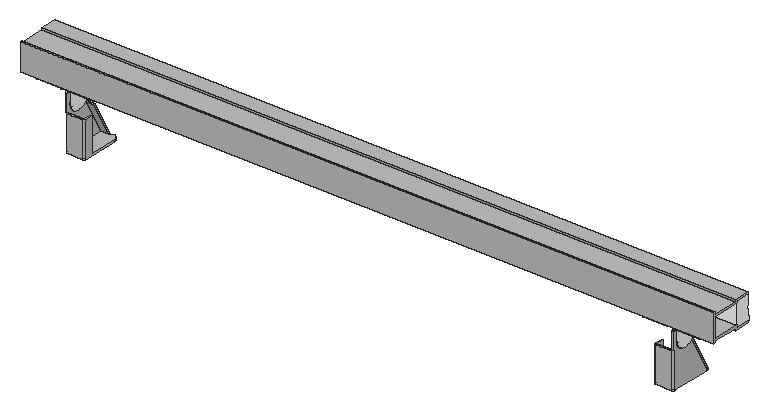
Revit family "4070755+4070746+4070771 Feilo Sylvania Lighting Fixture CURSUS 876MM 577LM WIDE LED 4K with CONTINUOUS WALL HOUSING with 70MM WALL BRACKET", category Lighting Fixtures, host Face, Revit 2017
Family settings
  Host = Face
  Round Connector Dimension = Use Diameter
  Part Type = Normal
  OmniClass Number = 23.80.70.14
  OmniClass Title = Luminaries for External Lighting
  Cut with Voids When Loaded = Yes
  Light Source = No
  Shared = No
  Room Calculation Point = No
Parameters (values of type "4070755 CURSUS 876MM 577LM WIDE LED 4K")
  Weight = "1.7 kg"
  Wattage Comments = "n/a"
  WarrantyStartDate [instance] = "n/a"
  WarrantyGuarantorParts = "n/a"
  WarrantyDurationUnit = "n/a"
  WarrantyDurationParts = "n/a"
  WarrantyDescription = "n/a"
  Voltage = 24 V
  URL = "http://www.sylvania-lighting.com"
  TypeName = "CURSUS 876MM 577LM WIDE LED 4K"
  TypeFixture_FEILO = CURSUS with CONTINUOUS WALL HOUSING : CURSUS 876MM 577LM WIDE LED 4K
  Type Image = <None>
  Type Comments = "n/a"
  TiltAngle [instance] = 0.00°
  StartAngle [instance] = TiltAngle + 270.00°  # 270.00°
  SerialNumber [instance] = "n/a"
  ReflectorMaterial = none
  PowerFactor = 0
  PowerConsumption = "13.5 W"
  NominalLength = 876 mm
  NominalHeight = 50 mm
  NominalDepth = 30 mm
  Name = "CURSUS 876MM 577LM WIDE LED 4K"
  ModelReference = Name  # "CURSUS 876MM 577LM WIDE LED 4K"
  ModelNumber = "4070755"
  Model = Name  # "CURSUS 876MM 577LM WIDE LED 4K"
  Material = "natural anodised extruded aluminium structure housing"
  ManufacturerName = "Feilo Sylvania"
  Manufacturer = "Feilo Sylvania"
  LuminousEfficacy = "42.74 lm/W"
  LuminaireType = ""
  LightOutputRatio = "100"
  LampsType = Lamp  # "LED"
  LampNominalLuminous = "577 lm"
  LampMacAdamStep = "n/a"
  LampColourTemperature = "4000 K"
  LampColourRenderingIndex = "80"
  Lamp = "LED"
  Keynote = "16500"
  InstallationDate [instance] = "n/a"
  InputVoltage = "24V DC"
  InputNominalFrequency = "n/a"
  IngressProtection = "IP67"
  ImpactProtectionIndex = "IK07"
  IfcExportType = "IfcLightFixtureType"
  IfcExportAs = "IfcLightFixtureType"
  ExpectedLife = 50000
  EndAngle [instance] = StartAngle - 180.00°  # 90.00°
  ElectricShockClassification = "Class III"
  DurationUnit = "hours"
  DocumentationLiterature = "http://www.sylvania-lighting.com/product/en-int/products/4070755"
  DimmingControlOptions = "n/a"
  DiffuserMaterial = Diffuser-Sylvania-Glow
  Description = "LED Exterior Lighting Recessed Surface Mounted Linear Fixture, Natural anodised extruded aluminium structure. Die-cast aluminium end caps. Installation kit with harmonic steel springs., 577 lm, 13,5W,  42lm/W, 4000K, CRI80+,non dimmable,IP67, IK07, (HxWxD) 876x50x30mm, 3 step Mac Adam Ellipse, 1.7kg,, Classe III, 21-25V-DC, energy class : A++, A+, A"
  Default Elevation = 1219.2 mm
  CreatedOn = "1/8/2018"
  CreatedBy = ""
  Cost = 0
  built-in parameter 1114216 [instance] = (empty or 0)
  ClassificationValue = "EF_70_80"
  ClassificationName = "Uniclass2015"
  BracketWidth = 24 mm
  BracketThickness = 2 mm
  BracketHeightEnd = 32 mm
  BracketHeight = 55 mm
  BracketFlange = BracketHeight / 5  # 11 mm
  BracketExtension = 70 mm
  BracketEndReduction = 25 mm
  BracketC = 22 mm  # constant formula
  BracketDistance = 745 mm
  BracketD = BracketHeightEnd - (BracketC * (BracketHeight - BracketHeightEnd) / (BracketExtension - BracketEndReduction))  # 20.756 mm
  BodyMaterial = Body-Sylvania-Gray
  BarCode [instance] = "n/a"
  AssetType = "Fixed"
  AssetIdentifier [instance] = "n/a"
  Assembly Code = "D5020200"
  Apparent Load = 13.5 VA
  AccessoryMaterial = Diffuser-Sylvania-Glow
Reference planes
  plane 1 "Center (Front/Back)": y = 0
  plane 2: z = 0
  plane 3 "Center (Left/Right)": x = 0
  plane 4: x = -384.5
  plane 5: x = 384.5
  plane 6: y = 55
  plane 7: x = -360.5
  plane 8: x = 360.5
  plane 9: z = 70
  plane 10: z = 56
  plane 11: z = 2
  plane 12: z = 45
  plane 13: x = -382.5
  plane 14: y = 53
  plane 15: y = 2
  plane 16: x = -362.5
  plane 17: x = 362.5
  plane 18: x = 382.5
  plane 19: x = -372.5
  plane 20: x = 372.5
  plane 21: y = 11
  plane 22: y = 32
  plane 23: y = 30
  plane 24: z = 67
  plane 25: y = 20.756
  plane 26: y = 16
Forms (mm)
  Blend 1, solid, material "Body-Sylvania-Gray" <- "BodyMaterial"
    base sketch origin (1223.4, -4572, 2) x (0, -1, 0) y (1, 0, 0)
      loop
        line (-4625, -1595.9) -> (-4627, -1595.9) -> (-4627, -1605.9)
        arc (-4627, -1605.9) -> (-4626.414, -1607.314) -> (-4625, -1607.9) r 2
        line (-4625, -1607.9) -> (-4574, -1607.9)
        arc (-4574, -1607.9) -> (-4572.586, -1607.314) -> (-4572, -1605.9) r 2
        line (-4572, -1605.9) -> (-4572, -1585.9)
        arc (-4572, -1585.9) -> (-4572.586, -1584.486) -> (-4574, -1583.9) r 2
        line (-4574, -1583.9) -> (-4583, -1583.9) -> (-4583, -1585.9) -> (-4574, -1585.9) -> (-4574, -1605.9) -> (-4625, -1605.9) -> (-4625, -1595.9)
    top sketch origin (1223.4, -4572, 2) x (0, -1, 0) y (1, 0, 0)
      loop
        line (-4583, -1585.9) -> (-4574, -1585.9) -> (-4574, -1605.9) -> (-4602, -1605.9) -> (-4602, -1595.9) -> (-4604, -1595.9) -> (-4604, -1605.9)
        arc (-4604, -1605.9) -> (-4603.52, -1607.21) -> (-4602.309, -1607.9) r 2.028
        line (-4602.309, -1607.9) -> (-4574, -1607.9)
        arc (-4574, -1607.9) -> (-4572.586, -1607.314) -> (-4572, -1605.9) r 2
        line (-4572, -1605.9) -> (-4572, -1585.9)
        arc (-4572, -1585.9) -> (-4572.586, -1584.486) -> (-4574, -1583.9) r 2
        line (-4574, -1583.9) -> (-4583, -1583.9) -> (-4583, -1585.9)
    from 0 to 43
  Extrusion 2, solid, material "Body-Sylvania-Gray" <- "BodyMaterial"
    sketch origin (0, 0, 0) x (1, 0, 0) y (0, 1, 0)
      loop
        arc (-382.5, 55) -> (-383.914, 54.414) -> (-384.5, 53) r 2
        line (-384.5, 53) -> (-384.5, 2)
        arc (-384.5, 2) -> (-383.914, 0.586) -> (-382.5, 0) r 2
        line (-382.5, 0) -> (-362.5, 0)
        arc (-362.5, 0) -> (-361.086, 0.586) -> (-360.5, 2) r 2
        line (-360.5, 2) -> (-360.5, 47.5)
        arc (-360.5, 47.5) -> (-362.697, 52.803) -> (-368, 55) r 7.5
        line (-368, 55) -> (-382.5, 55)
      loop
        line (382.5, 55) -> (368, 55)
        arc (368, 55) -> (362.697, 52.803) -> (360.5, 47.5) r 7.5
        line (360.5, 47.5) -> (360.5, 2)
        arc (360.5, 2) -> (361.086, 0.586) -> (362.5, 0) r 2
        line (362.5, 0) -> (382.5, 0)
        arc (382.5, 0) -> (383.914, 0.586) -> (384.5, 2) r 2
        line (384.5, 2) -> (384.5, 53)
        arc (384.5, 53) -> (383.914, 54.414) -> (382.5, 55) r 2
    from 0 to 2
  Blend 3, solid, material "Body-Sylvania-Gray" <- "BodyMaterial"
    base sketch origin (1223.4, -4572, 2) x (0, -1, 0) y (1, 0, 0)
      loop
        line (-4625, -840.9) -> (-4574, -840.9) -> (-4574, -860.9) -> (-4583, -860.9) -> (-4583, -862.9) -> (-4574, -862.9)
        arc (-4574, -862.9) -> (-4572.586, -862.314) -> (-4572, -860.9) r 2
        line (-4572, -860.9) -> (-4572, -840.9)
        arc (-4572, -840.9) -> (-4572.586, -839.486) -> (-4574, -838.9) r 2
        line (-4574, -838.9) -> (-4625, -838.9)
        arc (-4625, -838.9) -> (-4626.414, -839.486) -> (-4627, -840.9) r 2
        line (-4627, -840.9) -> (-4627, -850.9) -> (-4625, -850.9) -> (-4625, -840.9)
    top sketch origin (1223.4, -4572, 2) x (0, -1, 0) y (1, 0, 0)
      loop
        line (-4602, -850.9) -> (-4602, -840.9) -> (-4574, -840.9) -> (-4574, -860.9) -> (-4583, -860.9) -> (-4583, -862.9) -> (-4574, -862.9)
        arc (-4574, -862.9) -> (-4572.586, -862.314) -> (-4572, -860.9) r 2
        line (-4572, -860.9) -> (-4572, -840.9)
        arc (-4572, -840.9) -> (-4572.586, -839.486) -> (-4574, -838.9) r 2
        line (-4574, -838.9) -> (-4602, -838.9)
        arc (-4602, -838.9) -> (-4603.414, -839.486) -> (-4604, -840.9) r 2
        line (-4604, -840.9) -> (-4604, -850.9) -> (-4602, -850.9)
    from 0 to 43
  Blend 4, solid, material "Body-Sylvania-Gray" <- "BodyMaterial"
    base sketch origin (1223.4, -4572, 45) x (0, -1, 0) y (1, 0, 0)
      loop
        line (-4604, -1607.9) -> (-4572, -1607.9) -> (-4572, -1605.9) -> (-4604, -1605.9) -> (-4604, -1607.9)
    top sketch origin (1223.4, -4572, 45) x (0, -1, 0) y (1, 0, 0)
      loop
        line (-4572, -1607.9) -> (-4572, -1605.9) -> (-4592.756, -1605.9) -> (-4592.756, -1607.9) -> (-4572, -1607.9)
    from 0 to 22
  Blend 5, solid, material "Body-Sylvania-Gray" <- "BodyMaterial"
    base sketch origin (1223.4, -4572, 45) x (0, -1, 0) y (1, 0, 0)
      loop
        line (-4604, -840.9) -> (-4572, -840.9) -> (-4572, -838.9) -> (-4604, -838.9) -> (-4604, -840.9)
    top sketch origin (1223.4, -4572, 45) x (0, -1, 0) y (1, 0, 0)
      loop
        line (-4572, -838.9) -> (-4592.756, -838.9) -> (-4592.756, -840.9) -> (-4572, -840.9) -> (-4572, -838.9)
    from 0 to 22
  Extrusion 6, void
    sketch origin (0, 0, 0) x (0, 1, 0) y (0, 0, 1)
      loop
        line (0, 45) -> (2, 45) -> (2, 46.5) -> (0, 46.5) -> (0, 45)
      loop
        line (32, 45) -> (32, 46.5) -> (30, 46.5) -> (30, 45) -> (32, 45)
    from -384.5 to 384.5
  Revolve 7, solid, not visible
    sketch origin (1524, 16, 1219.2) x (1, 0, 0) y (0, 0, 1)
      loop
        line (-1524, -1152.2) -> (-1524, -1163.2) -> (-1151.5, -1163.2) -> (-1151.5, -1152.2) -> (-1524, -1152.2)
      axis (-1151.5, -1163.2) -> (-1524, -1163.2)
    angle from 270 <- "StartAngle" to 90 <- "EndAngle"
Cuts and joins
  Extrusion 6 cuts Blend 4
  Extrusion 6 cuts Blend 5
  joined: Blend 1, Extrusion 2, Blend 3, Blend 4, Blend 5
Lines and regions (mm)
  reference lines, not visible
    curve 1: line (-360.5, 16, 56) -> (360.5, 16, 56)
Dimensions and locks
  equal spacing: plane 4, plane 3 "Center (Left/Right)", plane 5
  "BracketDistance": plane 19 to plane 20
  "BracketHeight": plane 1 "Center (Front/Back)" to plane 6
  equal spacing: plane 7, plane 3 "Center (Left/Right)", plane 8
  "BracketWidth": plane 4 to plane 7
  "BracketExtension": plane 9 to plane 2
  "BracketThickness": plane 11 to plane 2
  "BracketEndReduction": plane 9 to plane 12
  equal spacing: plane 13, plane 3 "Center (Left/Right)", plane 18
  equal spacing: plane 16, plane 3 "Center (Left/Right)", plane 17
  "BracketThickness": plane 4 to plane 13
  "BracketThickness": plane 16 to plane 7
  "BracketThickness": plane 14 to plane 6
  "BracketThickness": plane 1 "Center (Front/Back)" to plane 15
  equal spacing: plane 4, plane 19, plane 7
  equal spacing: plane 8, plane 20, plane 5
  "BracketFlange": plane 1 "Center (Front/Back)" to plane 21
  "BracketHeightEnd": plane 1 "Center (Front/Back)" to plane 22
  "BracketThickness": plane 23 to plane 22
  locked: Extrusion 2 sketch curve to plane 7 at 7.5
  locked: Extrusion 2 sketch curve to plane 6 at 7.5  (x2)
  locked: plane 8 to Extrusion 2 sketch curve at 7.5
  "BracketC": plane 24 to plane 12
  "BracketD": plane 1 "Center (Front/Back)" to plane 25
  locked: plane 12 to Extrusion 6 sketch curve at 1.5
  equal spacing: plane 24, plane 10, plane 12
  equal spacing: plane 1 "Center (Front/Back)", plane 26, plane 22
  aligned and locked: plane 2 to host face
  aligned and locked: level to host face
  aligned and locked: plane 4 to Blend 1 sketch curve  (x2)
  aligned and locked: plane 13 to Blend 1 sketch curve  (x3)
  aligned and locked: Blend 1 sketch curve to plane 15
  aligned and locked: Blend 1 sketch curve to plane 16
  aligned and locked: Blend 1 sketch curve to plane 21
  aligned and locked: plane 7 to Blend 1 sketch curve
  aligned and locked: plane 16 to Blend 1 sketch curve
  aligned and locked: plane 1 "Center (Front/Back)" to Blend 1 sketch curve
  aligned and locked: plane 14 to Blend 1 sketch curve
  aligned and locked: Blend 1 sketch curve to var sketch  (x6)
  aligned and locked: Blend 1 sketch curve to plane 19
  aligned and locked: Blend 1 sketch curve to plane 22
  aligned and locked: plane 23 to Blend 1 sketch curve
  aligned and locked: plane 11 to Blend 1
  aligned and locked: Extrusion 2 sketch curve to Blend 1  (x3)
  aligned and locked: Extrusion 2 to level
  aligned and locked: Extrusion 2 to plane 11
  aligned and locked: Extrusion 2 sketch curve to plane 7
  aligned and locked: plane 18 to Blend 3 sketch curve  (x4)
  aligned and locked: plane 14 to Blend 3 sketch curve  (x2)
  aligned and locked: Blend 3 sketch curve to plane 20
  aligned and locked: Blend 3 sketch curve to plane 6
  aligned and locked: plane 5 to Blend 3 sketch curve
  aligned and locked: plane 1 "Center (Front/Back)" to Blend 3 sketch curve
  aligned and locked: plane 15 to Blend 3 sketch curve  (x2)
  aligned and locked: Blend 3 sketch curve to plane 8
  aligned and locked: Blend 3 sketch curve to plane 21
  aligned and locked: plane 17 to Blend 3 sketch curve
  aligned and locked: Blend 3 sketch curve to plane 18
  aligned and locked: plane 20 to Blend 3 sketch curve  (x2)
  aligned and locked: Blend 3 sketch curve to plane 23
  aligned and locked: Blend 3 sketch curve to var sketch  (x8)
  aligned and locked: var sketch to Blend 3 sketch curve
  aligned and locked: plane 22 to Blend 3 sketch curve
  aligned and locked: plane 11 to Blend 3
  aligned and locked: Extrusion 2 sketch curve to Blend 3  (x4)
  aligned and locked: Blend 1 to plane 12
  aligned and locked: Blend 3 to plane 12
  aligned and locked: Blend 4 sketch curve to plane 22
  aligned and locked: Blend 4 sketch curve to cut or joined group of Blend 1, Extrusion 2, Blend 3, Blend 4, Blend 5, Extrusion 6  (x2)
  aligned and locked: cut or joined group of Blend 1, Extrusion 2, Blend 3, Blend 4, Blend 5, Extrusion 6 to Blend 4 sketch curve
  aligned and locked: Blend 4 sketch curve to var sketch  (x2)
  aligned and locked: Blend 4 sketch curve to plane 13
  aligned and locked: Blend 4 to plane 24
  aligned and locked: Blend 4 sketch curve to plane 25
  aligned and locked: Blend 5 sketch curve to plane 18  (x2)
  aligned and locked: plane 1 "Center (Front/Back)" to Blend 5 sketch curve
  aligned and locked: plane 5 to Blend 5 sketch curve
  aligned and locked: plane 22 to Blend 5 sketch curve
  aligned and locked: Blend 5 sketch curve to var sketch
  aligned and locked: var sketch to Blend 5 sketch curve
  aligned and locked: Blend 5 sketch curve to plane 25
  aligned and locked: Blend 5 to plane 24
  aligned and locked: plane 12 to Blend 5
  aligned and locked: Extrusion 6 sketch curve to cut or joined group of Blend 1, Extrusion 2, Blend 3, Blend 4, Blend 5, Extrusion 6  (x2)
  aligned and locked: Extrusion 6 sketch curve to Extrusion 6 sketch curve
  aligned and locked: Extrusion 6 sketch curve to plane 15
  aligned and locked: plane 5 to Extrusion 6
  aligned and locked: Extrusion 6 to plane 4
  aligned and locked: Extrusion 6 sketch curve to plane 23
  aligned and locked: Revolve 7 sketch curve to plane 10  (x2)
  aligned and locked: plane 24 to Revolve 7 sketch curve
  aligned and locked: plane 3 "Center (Left/Right)" to Revolve 7 sketch curve
  aligned and locked: Revolve 7 sketch curve to plane 20
  aligned and locked: plane 7 to curve 1
  aligned and locked: plane 10 to curve 1
  aligned and locked: nested 1 to plane 5
  aligned and locked: nested 2 to plane 4
  aligned and locked: nested 1 to curve 1
  aligned and locked: nested 2 to curve 1
  aligned and locked: nested 1 to nested 3
  aligned and locked: nested 3 to plane 3 "Center (Left/Right)"
Automatic sketch dimensions
  host sketch curve to host sketch curve = 2438.4 mm  (x2)
  Blend 1 sketch curve to plane 13 = 0 mm
  plane 15 to Blend 1 sketch curve = 0 mm  (x3)
  Blend 1 sketch curve to plane 23 = 0.309 mm
  plane 6 to Blend 1 sketch curve = 0 mm
  plane 14 to Blend 1 sketch curve = 0 mm
  Blend 1 sketch curve to plane 19 = 0 mm
  Blend 3 sketch curve to plane 17 = 0 mm
  Extrusion 6 sketch curve to plane 1 "Center (Front/Back)" = 0 mm
  plane 12 to Extrusion 6 sketch curve = 0 mm
  Revolve 7 sketch curve to plane 4 = 1153 mm
  plane 5 to Revolve 7 sketch curve = 1161.4 mm
  curve 1 to plane 8 = 0 mm
Nested families
  nested 1: "MountingPlate" at (383.5, 16, 56) x (-1, 0, 0) z (0, 0, 1), type "MountingPlate"
  nested 2: "MountingPlate" at (-383.5, 16, 56) x (-1, 0, 0) z (0, 0, 1), type "MountingPlate"
  nested 3: "CURSUS with CONTINUOUS WALL HOUSING" at (0, -4, 74) x (-1, 0, 0) z (0, 0, 1), type <- "TypeFixture_FEILO", type "CURSUS 876MM 577LM WIDE LED 4K"
    with WarrantyStartDate "n/a", SerialNumber "n/a", InstallationDate "n/a", EndCapRight no, EndCapLeft no, built-in parameter 1114216 (empty or 0), BarCode "n/a", AssetIdentifier "n/a"
Connectors
  electrical at (0, 0, 0), driven by "Voltage", driven by "Apparent Load", driven by "PowerFactor", driven by "Apparent Load"
    settings: index 1, voltage 24 V, apparent load 13.5 VA, apparent load phase1 13.5 VA, apparent load phase2 0 VA, apparent load phase3 0 VA, power factor 0, load classification "Other", number of poles 1, system type 30, power factor state 1, is connector primary yes, connector utility no, sub classification motor no, connector description ""
Definition of nested family "MountingPlate"
  Parameters (values of type "MountingPlate")
    URL = "http://www.feilosylvania.com"
    Type Comments = "n/a"
    ReflectorMaterial = none
    MountingPlateWidth = 76 mm
    MountingPlateThickness = 2 mm
    MountingPlateRadiusBack = 12 mm
    MountingPlateRadius = 3 mm
    MountingPlateHeight = 35 mm
    Model = "n/a"
    Manufacturer = "Feilo Sylvania"
    Keynote = "n/a"
    DiffuserMaterial = none
    Description = "n/a"
    Default Elevation = 1219.2 mm
    Cost = 0
    BodyMaterial = none
    Assembly Code = "n/a"
    AccessoryMaterial = none
  Reference planes
    plane 1 "Center (Front/Back)": y = 0
    plane 2: z = 0
    plane 3 "Center (Left/Right)": x = 0
    plane 4: x = -38
    plane 5: x = 38
    plane 6: y = 17.5
    plane 7: y = -17.5
    plane 8: x = -3
    plane 9: x = 3
    plane 10: z = 18
    plane 11: z = 16
    plane 12: y = 12.5
    plane 13: y = -12.5
    plane 14: x = -1
    plane 15: x = 1
    plane 16: z = -12.5
    plane 17: z = -14.5
  Forms (mm)
    Extrusion 1, solid
      sketch origin (1.653, 0, 0) x (1, 0, 0) y (0, 1, 0)
        loop
          line (-1219.2, 1219.2) -> (-1219.2, -1219.2) -> (1219.2, -1219.2) -> (1219.2, 1219.2) -> (-1219.2, 1219.2)
      from 0 to -304.8
    Extrusion 2, solid, material <- "BodyMaterial"
      sketch origin (1218.4, -4572, 16) x (0, -1, 0) y (-1, 0, 0)
        loop
          line (-4589.5, 1253.4) -> (-4589.5, 1224.4)
          arc (-4589.5, 1224.4) -> (-4588.621, 1222.279) -> (-4586.5, 1221.4) r 3
          line (-4586.5, 1221.4) -> (-4557.5, 1221.4)
          arc (-4557.5, 1221.4) -> (-4555.379, 1222.279) -> (-4554.5, 1224.4) r 3
          line (-4554.5, 1224.4) -> (-4554.5, 1253.4)
          arc (-4554.5, 1253.4) -> (-4555.379, 1255.521) -> (-4557.5, 1256.4) r 3
          line (-4557.5, 1256.4) -> (-4586.5, 1256.4)
          arc (-4586.5, 1256.4) -> (-4588.621, 1255.521) -> (-4589.5, 1253.4) r 3
        loop
          arc (-4589.5, 1183.4) -> (-4588.621, 1181.279) -> (-4586.5, 1180.4) r 3
          line (-4586.5, 1180.4) -> (-4557.5, 1180.4)
          arc (-4557.5, 1180.4) -> (-4555.379, 1181.279) -> (-4554.5, 1183.4) r 3
          line (-4554.5, 1183.4) -> (-4554.5, 1212.4)
          arc (-4554.5, 1212.4) -> (-4555.379, 1214.521) -> (-4557.5, 1215.4) r 3
          line (-4557.5, 1215.4) -> (-4586.5, 1215.4)
          arc (-4586.5, 1215.4) -> (-4588.621, 1214.521) -> (-4589.5, 1212.4) r 3
          line (-4589.5, 1212.4) -> (-4589.5, 1183.4)
      from 0 to -2
    Extrusion 3, solid, material <- "BodyMaterial"
      sketch origin (0, 0, 0) x (1, 0, 0) y (0, 0, 1)
        loop
          line (-3, 18) -> (-3, -12.5) -> (-1, -12.5) -> (-1, 16)
          arc (-1, 16) -> (-1.586, 17.414) -> (-3, 18) r 2
        loop
          line (3, -12.5) -> (3, 18)
          arc (3, 18) -> (1.586, 17.414) -> (1, 16) r 2
          line (1, 16) -> (1, -12.5) -> (3, -12.5)
      from -12.5 to 12.5
    Extrusion 4, void
      sketch origin (0, 0, 0) x (0, 1, 0) y (0, 0, 1)
        loop
          line (-12.5, -0.5) -> (-17.5, -0.5) -> (-17.5, -14.5) -> (-0.5, -14.5) -> (-0.5, -12.5)
          arc (-0.5, -12.5) -> (-8.985, -8.985) -> (-12.5, -0.5) r 12
        loop
          line (0.5, -12.5) -> (0.5, -14.5) -> (17.5, -14.5) -> (17.5, -0.5) -> (12.5, -0.5)
          arc (12.5, -0.5) -> (8.985, -8.985) -> (0.5, -12.5) r 12
      from -3 to 3
  Cuts and joins
    Extrusion 4 cuts Extrusion 2
    Extrusion 4 cuts Extrusion 3
    joined: Extrusion 2, Extrusion 3
  Lines and regions (mm)
    reference lines
      curve 1: line (-38, 0, 0) -> (38, 0, 0)
  Dimensions and locks
    equal spacing: plane 4, plane 3 "Center (Left/Right)", plane 5
    "MountingPlateWidth": plane 4 to plane 5
    equal spacing: plane 7, plane 1 "Center (Front/Back)", plane 6
    "MountingPlateHeight": plane 7 to plane 6
    equal spacing: plane 8, plane 3 "Center (Left/Right)", plane 9
    "MountingPlateHeight": plane 4 to plane 8
    locked: plane 10 to plane 2 at 18
    "MountingPlateThickness": plane 10 to plane 11
    equal spacing: plane 13, plane 1 "Center (Front/Back)", plane 12
    locked: plane 13 to plane 12 at 25
    "MountingPlateRadius": plane 4 to Extrusion 2 sketch curve  (x2)
    "MountingPlateRadius": Extrusion 2 sketch curve to plane 6  (x4)
    "MountingPlateRadius": Extrusion 2 sketch curve to plane 8  (x2)
    "MountingPlateRadius": plane 7 to Extrusion 2 sketch curve  (x4)
    "MountingPlateRadius": plane 9 to Extrusion 2 sketch curve  (x2)
    "MountingPlateRadius": Extrusion 2 sketch curve to plane 5  (x2)
    equal spacing: plane 15, plane 3 "Center (Left/Right)", plane 14
    "MountingPlateThickness": plane 14 to plane 8
    locked: plane 2 to plane 16 at 12.5
    locked: plane 17 to plane 16 at 2
    "MountingPlateRadiusBack": plane 13 to Extrusion 4 sketch curve
    "MountingPlateRadiusBack": plane 16 to Extrusion 4 sketch curve  (x2)
    "MountingPlateRadiusBack": Extrusion 4 sketch curve to plane 12
    aligned and locked: plane 2 to Extrusion 1
    aligned and locked: level to Extrusion 1
    aligned and locked: Extrusion 2 sketch curve to plane 6
    aligned and locked: Extrusion 2 sketch curve to plane 4
    aligned and locked: plane 7 to Extrusion 2 sketch curve
    aligned and locked: plane 8 to Extrusion 2 sketch curve
    aligned and locked: plane 6 to Extrusion 2 sketch curve
    aligned and locked: Extrusion 2 sketch curve to plane 5
    aligned and locked: Extrusion 2 sketch curve to plane 7
    aligned and locked: plane 9 to Extrusion 2 sketch curve
    aligned and locked: Extrusion 2 to plane 10
    aligned and locked: plane 11 to Extrusion 2
    aligned and locked: Extrusion 3 sketch curve to Extrusion 2  (x2)
    aligned and locked: plane 16 to Extrusion 3 sketch curve  (x2)
    aligned and locked: plane 14 to Extrusion 3 sketch curve
    aligned and locked: plane 9 to Extrusion 3 sketch curve
    aligned and locked: plane 15 to Extrusion 3 sketch curve
    aligned and locked: Extrusion 3 to plane 12
    aligned and locked: plane 13 to Extrusion 3
    aligned and locked: plane 17 to Extrusion 4 sketch curve  (x2)
    aligned and locked: Extrusion 4 sketch curve to plane 7
    aligned and locked: Extrusion 4 sketch curve to plane 6
    aligned and locked: plane 9 to Extrusion 4
    aligned and locked: Extrusion 4 to plane 8
    aligned and locked: plane 4 to curve 1
    aligned and locked: curve 1 to level
  Automatic sketch dimensions
    Extrusion 1 sketch curve to Extrusion 1 sketch curve = 2438.4 mm  (x2)
    Extrusion 3 sketch curve to plane 11 = 0 mm
    curve 1 to plane 5 = 0 mm
    Extrusion 4 sketch curve to plane 13 = 0 mm
    Extrusion 4 sketch curve to plane 12 = 0 mm
Definition of nested family "CURSUS with CONTINUOUS WALL HOUSING"
  Parameters (values of type "CURSUS 1161MM 827LM OVAL LED 3K")
    Width_FEILO = 35 mm
    Weight = "2.2 kg"
    Wattage Comments = "n/a"
    Wattage = 18 W
    WarrantyStartDate [instance] = "n/a"
    WarrantyGuarantorParts = "n/a"
    WarrantyDurationUnit = "n/a"
    WarrantyDurationParts = "n/a"
    WarrantyDescription = "n/a"
    WallThickness_FEILO = 2.5 mm
    built-in parameter 1150110 = 1 (stored number, unit not read)
    Voltage = 24 V
    URL = "http://www.feilosylvania.com"
    TypeName = "CURSUS 1161MM 827LM OVAL LED 3K"
    Type Image = (empty or 0)
    Type Comments = "n/a"
    built-in parameter 1114217 = 1 (stored number, unit not read)
    Tilt Angle = -90.00°
    built-in parameter 1150109 = 1 (stored number, unit not read)
    built-in parameter 1150134 = (empty or 0)
    built-in parameter 1150113 = 1 (stored number, unit not read)
    SerialNumber [instance] = "n/a"
    ReflectorMaterial = none
    PowerFactor = 0
    PowerConsumption = "18 W"
    Photometric Web File = "4070765.ies"
    NominalLength = 1161 mm
    NominalHeight = 50 mm
    NominalDepth = 30 mm
    Name = "CURSUS 1161MM 827LM OVAL LED 3K"
    ModelReference = Name  # "CURSUS 1161MM 827LM OVAL LED 3K"
    ModelNumber = ""
    Model = Name  # "CURSUS 1161MM 827LM OVAL LED 3K"
    Material = "natural anodised extruded aluminium structure housing, optical system with pmma lenses diffuser"
    ManufacturerName = "Feilo Sylvania"
    Manufacturer = "Feilo Sylvania"
    LuminousEfficacy = "45.94 lm/W"
    built-in parameter 1150105 = 65.811 (stored number, unit not read)
    Lumens = 827 lm
    LuminaireType = ""
    built-in parameter 1150115 = 1 (stored number, unit not read)
    LightOutputRatio = "100"
    built-in parameter 1150137 = (empty or 0)
    built-in parameter 1150139 = (empty or 0)
    Length_FEILO = 1167 mm
    LampsType = Lamp  # "LED"
    LampNominalLuminous = "827 lm"
    LampMacAdamStep = "n/a"
    LampColourTemperature = "3000 K"
    LampColourRenderingIndex = "80"
    built-in parameter 1150112 = 1 (stored number, unit not read)
    built-in parameter 1150114 = 1 (stored number, unit not read)
    Lamp = "LED"
    Keynote = "16500"
    InstallationDate [instance] = "n/a"
    InputVoltage = "24V DC"
    InputNominalFrequency = "n/a"
    built-in parameter 1150132 = (empty or 0)
    built-in parameter 1150102 = (empty or 0)
    built-in parameter 1150107 = 3000 (stored number, unit not read)
    built-in parameter 1150138 = (empty or 0)
    IngressProtection = "IP67"
    ImpactProtectionIndex = "IK07"
    built-in parameter 1150106 = 0.65811 (stored number, unit not read)
    IfcExportType = "IfcLightFixtureType"
    IfcExportAs = "IfcLightFixtureType"
    ExpectedLife = 50000
    EndCapRight [instance] = no
    EndCapLeft [instance] = no
    Emit from Rectangle Width = Width_FEILO - WallThickness_FEILO * 2  # 30 mm
    Emit from Rectangle Length = Length_FEILO - WallThickness_FEILO * 2  # 1162 mm
    Emit Shape Visible in Rendering = no
    ElectricShockClassification = "Class III"
    built-in parameter 1150104 = 4.2684 (stored number, unit not read)
    DurationUnit = "hours"
    DocumentationLiterature = "http://www.feilosylvania.com/product/en-int/products/4070765"
    DimmingControlOptions = "n/a"
    Dimming Lamp Color Temperature Shift = (empty or 0)
    DiffuserMaterial = none
    Description = "LED Exterior Lighting Recessed Surface Mounted Linear Fixture, Natural anodised extruded aluminium structure. Die-cast aluminium end caps. Installation kit with harmonic steel springs., 827 lm, 18W, 45lm/W, 3000K, CRI80+,non dimmable,IP67, IK07, (HxWxD) 1161x50x30mm, 3 step Mac Adam Ellipse, 2.2kg,, Classe III, 21-25V-DC, energy class : A++, A+, A"
    Default Elevation = 1219.2 mm
    CreatedOn = "1/8/2018"
    CreatedBy = "aron.fodor@feilosylvania.com"
    Cost = 0
    Color Filter = 16777215
    built-in parameter 1114216 [instance] = (empty or 0)
    ClassificationValue = "EF_70_80"
    ClassificationName = "Uniclass2015"
    BodyMaterial = none
    BarCode [instance] = "n/a"
    built-in parameter 1114218 = 1 (stored number, unit not read)
    built-in parameter 1150133 = 10 (stored number, unit not read)
    AssetType = "Fixed"
    AssetIdentifier [instance] = "n/a"
    Assembly Code = "D5020200"
    Apparent Load = 18 VA
    AccessoryMaterial = none
  Types (16, lengths in mm): name | Weight | Wattage | Voltage | TypeName | built-in parameter 1150134 | PowerConsumption | Photometric Web File | NominalLength | Name | ModelReference | Model | Material | LuminousEfficacy | built-in parameter 1150105 | Lumens | Length_FEILO | LampNominalLuminous | LampColourTemperature | InputVoltage | InputNominalFrequency | built-in parameter 1150107 | built-in parameter 1150106 | Emit from Rectangle Length | built-in parameter 1150104 | DocumentationLiterature | Description | Apparent Load
    CURSUS 1161MM 827LM OVAL LED 3K | "2.2 kg" | 18 W | 24 V | "CURSUS 1161MM 827LM OVAL LED 3K" | (empty or 0) | "18 W" | "4070765.ies" | 1161 | "CURSUS 1161MM 827LM OVAL LED 3K" | "CURSUS 1161MM 827LM OVAL LED 3K" | "CURSUS 1161MM 827LM OVAL LED 3K" | "natural anodised extruded aluminium structure housing, optical system with pmma lenses diffuser" | "45.94 lm/W" | 65.811 (stored number, unit not read) | 827 lm | 1167 | "827 lm" | "3000 K" | "24V DC" | "n/a" | 3000 (stored number, unit not read) | 0.65811 (stored number, unit not read) | 1162 | 4.2684 (stored number, unit not read) | "http://www.feilosylvania.com/product/en-int/products/4070765" | "LED Exterior Lighting Recessed Surface Mounted Linear Fixture, Natural anodised extruded aluminium structure. Die-cast aluminium end caps. Installation kit with harmonic steel springs., 827 lm, 18W, 45lm/W, 3000K, CRI80+,non dimmable,IP67, IK07, (HxWxD) 1161x50x30mm, 3 step Mac Adam Ellipse, 2.2kg,, Classe III, 21-25V-DC, energy class : A++, A+, A" | 18 VA
    CURSUS 1161MM 731LM WIDE LED 3K | "2.2 kg" | 18 W | 230 V | "CURSUS 1161MM 731LM WIDE LED 3K" | (empty or 0) | "18 W" | "4070764.ies" | 1161 | "CURSUS 1161MM 731LM WIDE LED 3K" | "CURSUS 1161MM 731LM WIDE LED 3K" | "CURSUS 1161MM 731LM WIDE LED 3K" | "natural anodised extruded aluminium structure housing" | "40.61 lm/W" | 58.171 (stored number, unit not read) | 731 lm | 1167 | "731 lm" | "3000 K" | "220-240V~" | "n/a" | 3000 (stored number, unit not read) | 0.58171 (stored number, unit not read) | 1162 | 3.7729 (stored number, unit not read) | "http://www.feilosylvania.com/product/en-int/products/4070764" | "LED Exterior Lighting Recessed Surface Mounted Linear Fixture, Natural anodised extruded aluminium structure. Die-cast aluminium end caps. Installation kit with harmonic steel springs., 731 lm, 18W, 40lm/W, 3000K, CRI80+,non dimmable,IP67, IK07, (HxWxD) 1161x50x30mm, 3 step Mac Adam Ellipse, 2.2kg,, Classe III, 21-25V-DC, energy class : A++, A+, A" | 18 VA
    CURSUS 1161MM 871LM OVAL LED 4K | "2.2 kg" | 18 W | 24 V | "CURSUS 1161MM 871LM OVAL LED 4K" | 12 | "18 W" | "4070763.ies" | 1161 | "CURSUS 1161MM 871LM OVAL LED 4K" | "CURSUS 1161MM 871LM OVAL LED 4K" | "CURSUS 1161MM 871LM OVAL LED 4K" | "natural anodised extruded aluminium structure housing, optical system with pmma lenses diffuser" | "48.38 lm/W" | 69.312 (stored number, unit not read) | 871 lm | 1167 | "871 lm" | "4000 K" | "24V DC" | "50/60 Hz" | 4000 (stored number, unit not read) | 0.69312 (stored number, unit not read) | 1162 | 4.4955 (stored number, unit not read) | "http://www.feilosylvania.com/product/en-int/products/4070763" | "LED Exterior Lighting Recessed Surface Mounted Linear Fixture, Natural anodised extruded aluminium structure. Die-cast aluminium end caps. Installation kit with harmonic steel springs., 871 lm, 18W,  48lm/W, 4000K, CRI80+,non dimmable,IP67, IK07, (HxWxD) 1161x50x30mm, 3 step Mac Adam Ellipse, 2.2kg,, Classe III, 21-25V-DC, energy class : A++, A+, A" | 18 VA
    CURSUS 1161MM 770LM WIDE LED 4K | "2.2 kg" | 18 W | 230 V | "CURSUS 1161MM 770LM WIDE LED 4K" | 12 | "18 W" | "4070762.ies" | 1161 | "CURSUS 1161MM 770LM WIDE LED 4K" | "CURSUS 1161MM 770LM WIDE LED 4K" | "CURSUS 1161MM 770LM WIDE LED 4K" | "natural anodised extruded aluminium structure housing" | "42.77 lm/W" | 61.275 (stored number, unit not read) | 770 lm | 1167 | "770 lm" | "4000 K" | "220-240V~" | "n/a" | 4000 (stored number, unit not read) | 0.61275 (stored number, unit not read) | 1162 | 3.9742 (stored number, unit not read) | "http://www.feilosylvania.com/product/en-int/products/4070762" | "LED Exterior Lighting Recessed Surface Mounted Linear Fixture, Natural anodised extruded aluminium structure. Die-cast aluminium end caps. Installation kit with harmonic steel springs., 770 lm, 18W,  42lm/W, 4000K, CRI80+,non dimmable,IP67, IK07, (HxWxD) 1161x50x30mm, 3 step Mac Adam Ellipse, 2.2kg,, Classe III, 21-25V-DC, energy class : A++, A+, A" | 18 VA
    CURSUS 876MM 620LM OVAL LED 3K | "1.7 kg" | 13.5 W | 24 V | "CURSUS 876MM 620LM OVAL LED 3K" | (empty or 0) | "13.5 W" | "4070758.ies" | 876 | "CURSUS 876MM 620LM OVAL LED 3K" | "CURSUS 876MM 620LM OVAL LED 3K" | "CURSUS 876MM 620LM OVAL LED 3K" | "natural anodised extruded aluminium structure housing, optical system with pmma lenses diffuser" | "45.92 lm/W" | 49.338 (stored number, unit not read) | 620 lm | 882 | "620 lm" | "3000 K" | "24V DC" | "50/60 Hz" | 3000 (stored number, unit not read) | 0.49338 (stored number, unit not read) | 877 | 4.2667 (stored number, unit not read) | "http://www.feilosylvania.com/product/en-int/products/4070758" | "LED Exterior Lighting Recessed Surface Mounted Linear Fixture, Natural anodised extruded aluminium structure. Die-cast aluminium end caps. Installation kit with harmonic steel springs., 620 lm, 13,5W, 45lm/W, 3000K, CRI80+,non dimmable,IP67, IK07, (HxWxD) 876x50x30mm, 3 step Mac Adam Ellipse, 1.7kg,, Classe III, 21-25V-DC, energy class : A++, A+, A" | 13.5 VA
    CURSUS 876MM 548LM WIDE LED 3K | "1.7 kg" | 13.5 W | 24 V | "CURSUS 876MM 548LM WIDE LED 3K" | (empty or 0) | "13.5 W" | "4070757.ies" | 876 | "CURSUS 876MM 548LM WIDE LED 3K" | "CURSUS 876MM 548LM WIDE LED 3K" | "CURSUS 876MM 548LM WIDE LED 3K" | "natural anodised extruded aluminium structure housing" | "40.59 lm/W" | 43.608 (stored number, unit not read) | 548 lm | 882 | "548 lm" | "3000 K" | "24V DC" | "n/a" | 3000 (stored number, unit not read) | 0.43608 (stored number, unit not read) | 877 | 3.7712 (stored number, unit not read) | "http://www.feilosylvania.com/product/en-int/products/4070757" | "LED Exterior Lighting Recessed Surface Mounted Linear Fixture, Natural anodised extruded aluminium structure. Die-cast aluminium end caps. Installation kit with harmonic steel springs., 548 lm, 13,5W, 40lm/W, 3000K, CRI80+,non dimmable,IP67, IK07, (HxWxD) 876x50x30mm, 3 step Mac Adam Ellipse, 1.7kg,, Classe III, 21-25V-DC, energy class : A++, A+, A" | 13.5 VA
    CURSUS 876MM 653LM OVAL LED 4K | "1.7 kg" | 13.5 W | 24 V | "CURSUS 876MM 653LM OVAL LED 4K" | 12 | "13.5 W" | "4070756.ies" | 876 | "CURSUS 876MM 653LM OVAL LED 4K" | "CURSUS 876MM 653LM OVAL LED 4K" | "CURSUS 876MM 653LM OVAL LED 4K" | "natural anodised extruded aluminium structure housing, optical system with pmma lenses diffuser" | "48.37 lm/W" | 51.964 (stored number, unit not read) | 653 lm | 882 | "653 lm" | "4000 K" | "24V DC" | "n/a" | 4000 (stored number, unit not read) | 0.51964 (stored number, unit not read) | 877 | 4.4938 (stored number, unit not read) | "http://www.feilosylvania.com/product/en-int/products/4070756" | "LED Exterior Lighting Recessed Surface Mounted Linear Fixture, Natural anodised extruded aluminium structure. Die-cast aluminium end caps. Installation kit with harmonic steel springs., 653 lm, 13,5W,  48lm/W, 4000K, CRI80+,non dimmable,IP67, IK07, (HxWxD) 876x50x30mm, 3 step Mac Adam Ellipse, 1.7kg,, Classe III, 21-25V-DC, energy class : A++, A+, A" | 13.5 VA
    CURSUS 876MM 577LM WIDE LED 4K | "1.7 kg" | 13.5 W | 24 V | "CURSUS 876MM 577LM WIDE LED 4K" | 12 | "13.5 W" | "4070755.ies" | 876 | "CURSUS 876MM 577LM WIDE LED 4K" | "CURSUS 876MM 577LM WIDE LED 4K" | "CURSUS 876MM 577LM WIDE LED 4K" | "natural anodised extruded aluminium structure housing" | "42.74 lm/W" | 45.916 (stored number, unit not read) | 577 lm | 882 | "577 lm" | "4000 K" | "24V DC" | "n/a" | 4000 (stored number, unit not read) | 0.45916 (stored number, unit not read) | 877 | 3.9707 (stored number, unit not read) | "http://www.feilosylvania.com/product/en-int/products/4070755" | "LED Exterior Lighting Recessed Surface Mounted Linear Fixture, Natural anodised extruded aluminium structure. Die-cast aluminium end caps. Installation kit with harmonic steel springs., 577 lm, 13,5W,  42lm/W, 4000K, CRI80+,non dimmable,IP67, IK07, (HxWxD) 876x50x30mm, 3 step Mac Adam Ellipse, 1.7kg,, Classe III, 21-25V-DC, energy class : A++, A+, A" | 13.5 VA
    CURSUS 591MM 414LM OVAL LED 3K | "1.2 kg" | 9 W | 24 V | "CURSUS 591MM 414LM OVAL LED 3K" | (empty or 0) | "9 W" | "4070751.ies" | 591 | "CURSUS 591MM 414LM OVAL LED 3K" | "CURSUS 591MM 414LM OVAL LED 3K" | "CURSUS 591MM 414LM OVAL LED 3K" | "natural anodised extruded aluminium structure housing, optical system with pmma lenses diffuser" | "46 lm/W" | 32.945 (stored number, unit not read) | 414 lm | 597 | "414 lm" | "3000 K" | "24V DC" | "n/a" | 3000 (stored number, unit not read) | 0.32945 (stored number, unit not read) | 592 | 4.2735 (stored number, unit not read) | "http://www.feilosylvania.com/product/en-int/products/4070751" | "LED Exterior Lighting Recessed Surface Mounted Linear Fixture, Natural anodised extruded aluminium structure. Die-cast aluminium end caps. Installation kit with harmonic steel springs., 414 lm, 9W, 46lm/W, 3000K, CRI80+,non dimmable,IP67, IK07, (HxWxD) 591x50x30mm, 3 step Mac Adam Ellipse, 1.2kg,, Classe III, 21-25V-DC, energy class : A++, A+, A" | 9 VA
    CURSUS 591MM 365LM WIDE LED 3K | "1.2 kg" | 9 W | 24 V | "CURSUS 591MM 365LM WIDE LED 3K" | (empty or 0) | "9 W" | "4070750.ies" | 591 | "CURSUS 591MM 365LM WIDE LED 3K" | "CURSUS 591MM 365LM WIDE LED 3K" | "CURSUS 591MM 365LM WIDE LED 3K" | "natural anodised extruded aluminium structure housing" | "40.55 lm/W" | 29.046 (stored number, unit not read) | 365 lm | 597 | "365 lm" | "3000 K" | "24V DC" | "n/a" | 3000 (stored number, unit not read) | 0.29046 (stored number, unit not read) | 592 | 3.7677 (stored number, unit not read) | "http://www.feilosylvania.com/product/en-int/products/4070750" | "LED Exterior Lighting Recessed Surface Mounted Linear Fixture, Natural anodised extruded aluminium structure. Die-cast aluminium end caps. Installation kit with harmonic steel springs., 365 lm, 9W, 40lm/W, 3000K, CRI80+,non dimmable,IP67, IK07, (HxWxD) 591x50x30mm, 3 step Mac Adam Ellipse, 1.2kg,, Classe III, 21-25V-DC, energy class : A++, A+, A" | 9 VA
    CURSUS 591MM 435LM OVAL LED 4K | "1.2 kg" | 9 W | 24 V | "CURSUS 591MM 435LM OVAL LED 4K" | 12 | "9 W" | "4070749.ies" | 591 | "CURSUS 591MM 435LM OVAL LED 4K" | "CURSUS 591MM 435LM OVAL LED 4K" | "CURSUS 591MM 435LM OVAL LED 4K" | "natural anodised extruded aluminium structure housing, optical system with pmma lenses diffuser" | "48.33 lm/W" | 34.616 (stored number, unit not read) | 435 lm | 597 | "435 lm" | "4000 K" | "24V DC" | "n/a" | 4000 (stored number, unit not read) | 0.34616 (stored number, unit not read) | 592 | 4.4903 (stored number, unit not read) | "http://www.feilosylvania.com/product/en-int/products/4070749" | "LED Exterior Lighting Recessed Surface Mounted Linear Fixture, Natural anodised extruded aluminium structure. Die-cast aluminium end caps. Installation kit with harmonic steel springs., 435 lm, 9W, 48lm/W, 4000K, CRI80+,non dimmable,IP67, IK07, (HxWxD) 591x50x30mm, 3 step Mac Adam Ellipse, 1.2kg,, Classe III, 21-25V-DC, energy class : A++, A+, A" | 9 VA
    CURSUS 591MM 385LM WIDE LED 4K | "1.2 kg" | 9 W | 24 V | "CURSUS 591MM 385LM WIDE LED 4K" | 12 | "9 W" | "4070748.ies" | 591 | "CURSUS 591MM 385LM WIDE LED 4K" | "CURSUS 591MM 385LM WIDE LED 4K" | "CURSUS 591MM 385LM WIDE LED 4K" | "natural anodised extruded aluminium structure housing" | "42.77 lm/W" | 30.637 (stored number, unit not read) | 385 lm | 597 | "385 lm" | "4000 K" | "24V DC" | "n/a" | 4000 (stored number, unit not read) | 0.30637 (stored number, unit not read) | 592 | 3.9742 (stored number, unit not read) | "http://www.feilosylvania.com/product/en-int/products/4070748" | "LED Exterior Lighting Recessed Surface Mounted Linear Fixture, Natural anodised extruded aluminium structure. Die-cast aluminium end caps. Installation kit with harmonic steel springs., 385 lm, 9W,  42lm/W, 4000K, CRI80+,non dimmable,IP67, IK07, (HxWxD) 591x50x30mm, 3 step Mac Adam Ellipse, 1.2kg,, Classe III, 21-25V-DC, energy class : A++, A+, A" | 9 VA
    CURSUS 306MM 207LM OVAL LED3K | "0.6 kg" | 4.5 W | 24 V | "CURSUS 306MM 207LM OVAL LED3K" | (empty or 0) | "4.5 W" | "4070744.ies" | 306 | "CURSUS 306MM 207LM OVAL LED3K" | "CURSUS 306MM 207LM OVAL LED3K" | "CURSUS 306MM 207LM OVAL LED3K" | "natural anodised extruded aluminium structure housing, optical system with pmma lenses diffuser" | "46 lm/W" | 16.473 (stored number, unit not read) | 207 lm | 312 | "207 lm" | "3000 K" | "24V DC" | "n/a" | 3000 (stored number, unit not read) | 0.16473 (stored number, unit not read) | 307 | 4.2735 (stored number, unit not read) | "http://www.feilosylvania.com/product/en-int/products/4070744" | "LED Exterior Lighting Recessed Surface Mounted Linear Fixture, Natural anodised extruded aluminium structure. Die-cast aluminium end caps. Installation kit with harmonic steel springs., 207 lm, 4,5W, 46lm/W, 3000K, CRI80+,non dimmable,IP67, IK07, (HxWxD) 306x50x30mm, 3 step Mac Adam Ellipse, 0.6kg,, Classe III, 21-25V-DC, energy class : A++, A+, A" | 4.5 VA
    CURSUS 306MM 183LM WIDE LED 3K | "0.6 kg" | 4.5 W | 24 V | "CURSUS 306MM 183LM WIDE LED 3K" | (empty or 0) | "4.5 W" | "4070743.ies" | 306 | "CURSUS 306MM 183LM WIDE LED 3K" | "CURSUS 306MM 183LM WIDE LED 3K" | "CURSUS 306MM 183LM WIDE LED 3K" | "natural anodised extruded aluminium structure housing" | "40.66 lm/W" | 14.563 (stored number, unit not read) | 183 lm | 312 | "183 lm" | "3000 K" | "24V DC" | "n/a" | 3000 (stored number, unit not read) | 0.14563 (stored number, unit not read) | 307 | 3.7781 (stored number, unit not read) | "http://www.feilosylvania.com/product/en-int/products/4070743" | "LED Exterior Lighting Recessed Surface Mounted Linear Fixture, Natural anodised extruded aluminium structure. Die-cast aluminium end caps. Installation kit with harmonic steel springs., 183 lm, 4,5W, 40lm/W, 3000K, CRI80+,non dimmable,IP67, IK07, (HxWxD) 306x50x30mm, 3 step Mac Adam Ellipse, 0.6kg,, Classe III, 21-25V-DC, energy class : A++, A+, A" | 4.5 VA
    CURSUS 306MM 218LM OVAL LED 4K | "0.6 kg" | 4.5 W | 24 V | "CURSUS 306MM 218LM OVAL LED 4K" | 12 | "4.5 W" | "4070742.ies" | 306 | "CURSUS 306MM 218LM OVAL LED 4K" | "CURSUS 306MM 218LM OVAL LED 4K" | "CURSUS 306MM 218LM OVAL LED 4K" | "natural anodised extruded aluminium structure housing, optical system with pmma lenses diffuser" | "48.44 lm/W" | 17.348 (stored number, unit not read) | 218 lm | 312 | "218 lm" | "4000 K" | "24V DC" | "n/a" | 4000 (stored number, unit not read) | 0.17348 (stored number, unit not read) | 307 | 4.5006 (stored number, unit not read) | "http://www.feilosylvania.com/product/en-int/products/4070742" | "LED Exterior Lighting Recessed Surface Mounted Linear Fixture, Natural anodised extruded aluminium structure. Die-cast aluminium end caps. Installation kit with harmonic steel springs., 218 lm, 4,5W,  48lm/W, 4000K, CRI80+,non dimmable,IP67, IK07, (HxWxD) 306x50x30mm, 3 step Mac Adam Ellipse, 0.6kg,, Classe III, 21-25V-DC, energy class : A++, A+, A" | 4.5 VA
    CURSUS 306MM 192LM WIDE LED 4K | "0.6 kg" | 4.5 W | 24 V | "CURSUS 306MM 192LM WIDE LED 4K" | 12 | "4.5 W" | "4070741.ies" | 306 | "CURSUS 306MM 192LM WIDE LED 4K" | "CURSUS 306MM 192LM WIDE LED 4K" | "CURSUS 306MM 192LM WIDE LED 4K" | "natural anodised extruded aluminium structure housing" | "42.66 lm/W" | 15.279 (stored number, unit not read) | 192 lm | 312 | "192 lm" | "4000 K" | "24V DC" | "n/a" | 4000 (stored number, unit not read) | 0.15279 (stored number, unit not read) | 307 | 3.9639 (stored number, unit not read) | "http://www.feilosylvania.com/product/en-int/products/4070741" | "LED Exterior Lighting Recessed Surface Mounted Linear Fixture, Natural anodised extruded aluminium structure. Die-cast aluminium end caps. Installation kit with harmonic steel springs., 192 lm, 4,5W,  42lm/W, 4000K, CRI80+,non dimmable,IP67, IK07, (HxWxD) 306x50x30mm, 3 step Mac Adam Ellipse, 0.6kg,, Classe III, 21-25V-DC, energy class : A++, A+, A" | 4.5 VA
  Reference planes
    plane 1 "Center (Front/Back)": y = 0
    plane 2: z = 0
    plane 3 "Center (Left/Right)": x = 0
    plane 4: x = 583.5
    plane 5: x = -583.5
    plane 6: x = -581
    plane 7: x = 581
    plane 8: z = 35
    plane 9: z = 17.5
    plane 10: z = 32.5
    plane 11: z = 2.5
    plane 12: z = 30
    plane 13: z = 5
    plane 14: y = -55
    plane 15: y = -53
    plane 16: y = -2.5
    plane 17: y = -37
    plane 18: y = -34.5
  Forms (mm)
    Extrusion 1, solid
      sketch origin (4.2, 0, 0) x (1, 0, 0) y (0, 1, 0)
        loop
          line (-1219.2, 1219.2) -> (-1219.2, -1219.2) -> (1219.2, -1219.2) -> (1219.2, 1219.2) -> (-1219.2, 1219.2)
      from 0 to -304.8
    Extrusion 2, solid, material <- "BodyMaterial"
      sketch origin (0, 0, 0) x (0, 1, 0) y (0, 0, 1)
        loop
          line (0, 35) -> (-2.5, 35) -> (-2.5, 32.5) -> (-34.5, 32.5) -> (-34.5, 35) -> (-55, 35) -> (-55, 32.5) -> (-37, 32.5) -> (-37, 30) -> (-2.5, 30) -> (-2.5, 5) -> (-37, 5) -> (-37, 2.5) -> (-55, 2.5) -> (-55, 0) -> (-34.5, 0) -> (-34.5, 2.5) -> (-2.5, 2.5) -> (-2.5, 0) -> (0, 0) -> (0, 35)
      from -581 to 581
    Extrusion 3, solid, material <- "DiffuserMaterial"
      sketch origin (0, 0, 0) x (0, 1, 0) y (0, 0, 1)
        loop
          line (-37, 32.5) -> (-55, 32.5) -> (-55, 19.5) -> (-53, 17.5) -> (-55, 15.5) -> (-55, 2.5) -> (-37, 2.5) -> (-37, 32.5)
      from -581 to 581
    Extrusion 4, solid, material <- "BodyMaterial", visible <- "EndCapRight"
      sketch origin (581, 1524, 1219.2) x (0, 1, 0) y (0, 0, 1)
        loop
          line (-1579, -1184.2) -> (-1579, -1219.2) -> (-1524, -1219.2) -> (-1524, -1184.2) -> (-1579, -1184.2)
      from 0 to 2.5
    Extrusion 5, solid, material <- "BodyMaterial", visible <- "EndCapLeft"
      sketch origin (-581, 1524, 1219.2) x (0, 1, 0) y (0, 0, 1)
        loop
          line (-1579, -1184.2) -> (-1579, -1219.2) -> (-1524, -1219.2) -> (-1524, -1184.2) -> (-1579, -1184.2)
      from -2.5 to 0
  Dimensions and locks
    equal spacing: plane 5, plane 3 "Center (Left/Right)", plane 4
    "Length_FEILO": plane 5 to plane 4
    equal spacing: plane 6, plane 3 "Center (Left/Right)", plane 7
    "WallThickness_FEILO": plane 5 to plane 6
    locked: plane 9 to plane 2 at 17.5
    locked: plane 8 to plane 2 at 35
    equal spacing: plane 11, plane 9, plane 10
    equal spacing: plane 13, plane 9, plane 12
    "WallThickness_FEILO": plane 12 to plane 10
    locked: plane 14 to plane 15 at 2
    locked: plane 14 to plane 17 at 18
    "WallThickness_FEILO": plane 17 to plane 18
    "WallThickness_FEILO": plane 16 to plane 1 "Center (Front/Back)"
    locked: plane 15 to Extrusion 3 sketch curve (angle 45.00°)
    locked: Extrusion 3 sketch curve to plane 15 (angle 45.00°)
    aligned and locked: plane 2 to Extrusion 1
    aligned and locked: level to Extrusion 1
    aligned and locked: plane 1 "Center (Front/Back)" to Extrusion 2 sketch curve
    aligned and locked: Extrusion 2 sketch curve to plane 8  (x2)
    aligned and locked: plane 16 to Extrusion 2 sketch curve
    aligned and locked: Extrusion 1 to Extrusion 2 sketch curve
    aligned and locked: Extrusion 2 sketch curve to plane 16  (x2)
    aligned and locked: Extrusion 2 sketch curve to plane 11
    aligned and locked: plane 18 to Extrusion 2 sketch curve
    aligned and locked: level to Extrusion 2 sketch curve
    aligned and locked: plane 11 to Extrusion 2 sketch curve
    aligned and locked: Extrusion 2 sketch curve to plane 17
    aligned and locked: plane 13 to Extrusion 2 sketch curve
    aligned and locked: Extrusion 2 sketch curve to plane 12
    aligned and locked: plane 10 to Extrusion 2 sketch curve  (x2)
    aligned and locked: plane 17 to Extrusion 2 sketch curve  (x2)
    aligned and locked: plane 12 to Extrusion 2 sketch curve
    aligned and locked: Extrusion 2 sketch curve to plane 10
    aligned and locked: Extrusion 2 sketch curve to plane 18
    aligned and locked: plane 7 to Extrusion 2
    aligned and locked: Extrusion 2 to plane 6
    aligned and locked: Extrusion 3 sketch curve to Extrusion 2  (x4)
    aligned and locked: Extrusion 2 to Extrusion 3 sketch curve
    aligned and locked: plane 9 to Extrusion 3 sketch curve
    aligned and locked: plane 7 to Extrusion 3
    aligned and locked: Extrusion 3 to plane 6
    aligned and locked: Extrusion 4 sketch curve to Extrusion 2  (x4)
    aligned and locked: plane 4 to Extrusion 4
    aligned and locked: Extrusion 4 to plane 7
    aligned and locked: Extrusion 5 sketch curve to Extrusion 4  (x3)
    aligned and locked: Extrusion 5 sketch curve to Extrusion 2
    aligned and locked: Extrusion 5 to plane 5
    aligned and locked: plane 6 to Extrusion 5
    aligned and locked: plane 14 to imposter light
    aligned and locked: imposter light to plane 9
    aligned and locked: plane 3 "Center (Left/Right)" to imposter light
  Automatic sketch dimensions
    Extrusion 1 sketch curve to Extrusion 1 sketch curve = 2438.4 mm  (x2)
    Extrusion 2 sketch curve to plane 14 = 0 mm  (x2)
    Extrusion 3 sketch curve to plane 15 = 0 mm
  Connectors
    electrical at (0, 0, 0), driven by "Apparent Load", driven by "PowerFactor", driven by "Voltage"
      settings: index 1, voltage 24 V, apparent load 18 VA, apparent load phase1 0 VA, apparent load phase2 0 VA, apparent load phase3 0 VA, power factor 0, load classification none, number of poles 1, system type 30, power factor state 1, is connector primary yes, connector utility no, sub classification motor no, connector description ""
